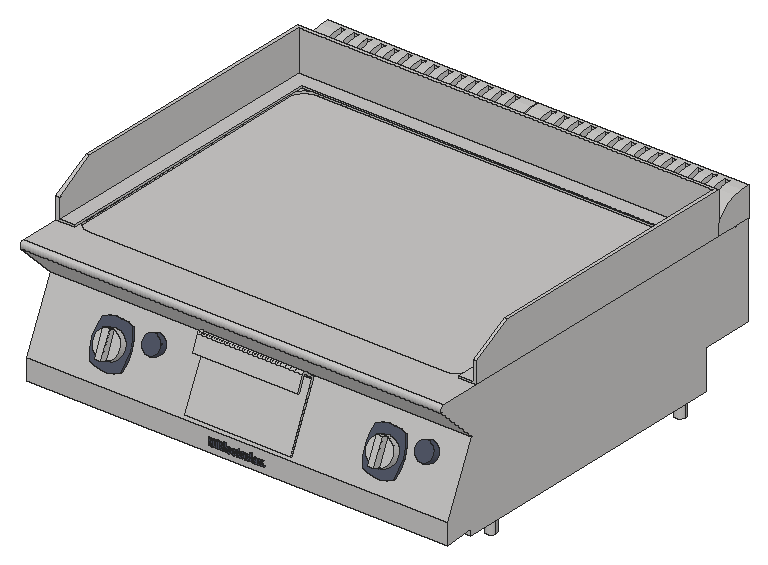
Revit family "QF_ELECTROLUXPROFESSIONAL_Professional_371335_E7IIMAAOMEA", category Specialty Equipment, Revit 2018
Family settings
  Round Connector Dimension = Use Diameter
  Part Type = Normal
  Work Plane-Based = No
  Always vertical = Yes
  Cut with Voids When Loaded = No
  Shared = No
  Room Calculation Point = No
Parameters
  Width = 800.1 mm  # constant formula
  Weight in Pounds = 198  # constant formula
  Watts = 0 W
  URL Cutsheet = "www.electrolux.com/foodservice"
  URL = "www.electrolux.com/foodservice"
  Type Mark [instance] = ""
  Status [instance] = ""
  Specification by User [instance] = ""
  Specification by Manufacturer = ""
  Show Logo [instance] = yes
  Show Clearance [instance] = yes
  Serial Number = ""
  Seismic Rating = ""
  SMACNA No = ""
  Revision Code [instance] = ""
  Omniclass Number and Title = ""
  NAFEM Spec ID Number = ""
  Model = "371032"
  Mechanical Remarks = ""
  Mechanical Connection Type = ""
  Masterspec = ""
  Manufacturer = "ELECTROLUX"
  Item Number [instance] = ""
  Installed By [instance] = ""
  Identify Quantity as Lot [instance] = yes
  Height = 355 mm  # constant formula
  HP = "0 HP"
  Gas Size = 12.7 mm  # 1/2"
  Gas RI Height [instance] = 0 mm
  Gas KW = 14  # constant formula
  Gas Input [instance] = 13987.1 VA  # 47726.0 Btu/h
  Gas Connection Height = 0 mm
  Furnished By [instance] = ""
  Foodservice Equipment Identifier [instance] = yes
  Direct Waste Size = 0"
  Description = "700XP Full Module Gas Fry Top, 2/3 Smotth Plate - 1/3 Ribbed Plate, Mild Steel"
  Depth = 730.25 mm  # constant formula
  CSI MasterFormat = ""
  CSI Master Format = ""
  Base Height [instance] = 23.813 mm  # constant formula
  Assembly Code = ""
Reference planes
  plane 1 "BACK": y = 0
  plane 2: z = 0
  plane 3 "LEFT": x = 0
  plane 4 "RIGHT": x = 800.1
  plane 5 "FRONT": y = -730.25
  plane 6 "TOP": z = 288.925
  plane 7 "Center Y": x = 400.05
  plane 8 "Center X": y = -365.125
  plane 9 "BASE": z = 23.813
  plane 10 "TOP A": z = 274.638
  plane 11: y = -597.884
  plane 12: y = -147.637
  plane 13: z = 355
Forms (mm)
  Extrusion 1, solid, material "QF_Finishes_Stainless Steel"
    sketch origin (0, 0, 0) x (0, 1, 0) y (0, 0, 1)
      loop
        line (0, 274.638) -> (-722.901, 274.638)
        arc (-722.901, 274.638) -> (-729.676, 270.11) -> (-728.087, 262.117) r 7.334
        line (-728.087, 262.117) -> (-657.416, 191.447) -> (-713.772, 69.003) -> (-713.772, 30.903) -> (-660.4, 36.513) -> (-660.4, 23.812) -> (-101.6, 23.812) -> (-101.6, 98.425) -> (0, 98.425) -> (0, 274.638)
    from 0 to 800.1
  Extrusion 2, void
    sketch origin (0, -2.381, 274.638) x (-1, 0, 0) y (0, -1, 0)
      loop
        arc (-60.425, 102.504) -> (-42.464, 109.943) -> (-35.025, 127.904) r 25.4
        line (-35.025, 127.904) -> (-35.025, 617.104)
        arc (-35.025, 617.104) -> (-42.464, 635.064) -> (-60.425, 642.504) r 25.4
        line (-60.425, 642.504) -> (-739.675, 642.504)
        arc (-739.675, 642.504) -> (-757.636, 635.064) -> (-765.075, 617.104) r 25.4
        line (-765.075, 617.104) -> (-765.075, 127.904)
        arc (-765.075, 127.904) -> (-757.636, 109.943) -> (-739.675, 102.504) r 25.4
        line (-739.675, 102.504) -> (-60.425, 102.504)
    from 0 to -3.2
  Extrusion 3, solid, material "QF_Finishes_Stainless Steel"
    sketch origin (0, 0, 0) x (1, 0, 0) y (0, 1, 0)
      loop
        circle (11.112, -147.638) r 9.525
      loop
        circle (11.112, -597.884) r 9.525
      loop
        circle (788.987, -147.638) r 9.525
      loop
        circle (788.987, -597.884) r 9.525
    from 0 to 23.813
  Extrusion 4, solid, material "QF_Finishes_Stainless Steel"
    sketch origin (0, -101.6, 101.6) x (0, 0, -1) y (-1, 0, 0)
      loop
        circle (43.882, -749.3) r 6.35
    from 0 to 3.175
  Extrusion 5, solid, material "QF_Finishes_Clearance", visible <- "Show Clearance", detail levels coarse
    sketch origin (0, 0, 0) x (1, 0, 0) y (0, 1, 0)
      loop
        line (0, -730.25) -> (0, 0) -> (800.1, 0) -> (800.1, -730.25) -> (950.119, -730.25) -> (950.119, 150.019) -> (-150.019, 150.019) -> (-150.019, -730.25) -> (0, -730.25)
    from 0 to 355
  Sweep 6, solid, material "QF_Finishes_Stainless Steel"
    path origin (0, -2.381, 274.638) x (-1, 0, 0) y (0, -1, 0)
      loop
        line (-765.075, 642.504) -> (-765.075, 102.504) -> (-35.025, 102.504) -> (-35.025, 642.504)
    profile origin (35.025, -374.885, 274.638) x (1, 0, 0) y (0, 0, 1)
      loop
        line (-35.025, 0) -> (0, 0) -> (0, 3.175) -> (-28.675, 3.175) -> (-28.675, 80.363) -> (-35.025, 80.362) -> (-35.025, 0)
  Extrusion 7, void
    sketch origin (0, -69.86, 274.638) x (0, 1, 0) y (0, 0, 1)
      loop
        line (-575.025, 40.481) -> (-501.995, 80.363) -> (-575.025, 80.363) -> (-575.025, 40.481)
    from 0 to 6.35
  Extrusion 8, void
    sketch origin (800.1, -644.885, 274.638) x (0, -1, 0) y (0, 0, 1)
      loop
        line (0, 40.481) -> (0, 80.362) -> (-73.03, 80.362) -> (0, 40.481)
    from 0 to 6.35
  Extrusion 9, solid, material "QF_Finishes_Stainless Steel"
    sketch origin (400.05, 175.397, 1219.2) x (0, 1, 0) y (0, 0, 1)
      loop
        line (-834.228, -1030.828) -> (-850.635, -1014.422)
        arc (-850.635, -1014.422) -> (-855.102, -1013.019) -> (-858.806, -1015.884) r 5.058
        line (-858.806, -1015.884) -> (-871.468, -1043.394) -> (-868.584, -1044.721) -> (-855.922, -1017.211)
        arc (-855.922, -1017.211) -> (-854.543, -1016.145) -> (-852.88, -1016.667) r 1.883
        line (-852.88, -1016.667) -> (-838.037, -1031.51) -> (-888.871, -1141.955) -> (-885.987, -1143.282) -> (-834.228, -1030.828)
    from 100 to -100
  Extrusion 10, solid, material "QF_Finishes_Drawer Clearance", visible <- "Show Clearance", detail levels coarse
    sketch origin (400.05, 175.397, 1219.2) x (0, 1, 0) y (0, 0, 1)
      loop
        line (-937.748, -1044.721) -> (-925.086, -1017.211)
        arc (-925.086, -1017.211) -> (-923.707, -1016.145) -> (-922.044, -1016.667) r 1.883
        line (-922.044, -1016.667) -> (-907.201, -1031.51) -> (-958.035, -1141.955) -> (-955.151, -1143.282) -> (-885.987, -1143.282) -> (-834.228, -1030.828) -> (-850.635, -1014.422)
        arc (-850.635, -1014.422) -> (-851.87, -1013.515) -> (-853.321, -1013.019) r 5.058
        line (-853.321, -1013.019) -> (-924.266, -1013.019)
        arc (-924.266, -1013.019) -> (-926.47, -1013.997) -> (-927.97, -1015.884) r 5.058
        line (-927.97, -1015.884) -> (-940.632, -1043.394) -> (-937.748, -1044.721)
    from -100 to 100
  Extrusion 11, solid, material "QF_Finishes_Navy Blue"
    sketch origin (-399.27, -713.772, 69.003) x (0, 0.418102, 0.9084) y (-1, 0, 0)
      loop
        arc (102.623, -510.47) -> (67.041, -502.846) -> (31.333, -509.853) r 90.5
        arc (31.333, -509.853) -> (24.507, -539.04) -> (31.333, -568.228) r 65.817
        arc (31.333, -568.228) -> (67.04, -575.188) -> (102.623, -567.615) r 91.066
        arc (102.623, -567.615) -> (109.179, -539.043) -> (102.623, -510.47) r 65.546
    from 0 to 3.175
  Extrusion 12, solid, material "QF_Finishes_Stainless Steel"
    sketch origin (-20.52, -717.485, 68.529) x (0, 0.418102, 0.9084) y (-1, 0, 0)
      loop
        circle (68.826, -160.963) r 25.4
    from 0 to 12.7
  Extrusion 13, solid, material "QF_Finishes_Stainless Steel"
    sketch origin (-20.52, -729.022, 73.839) x (0, 0.418102, 0.9084) y (-1, 0, 0)
      loop
        arc (93.558, -166.749) -> (94.226, -160.963) -> (93.558, -155.177) r 25.4
        line (93.558, -155.177) -> (44.094, -155.177)
        arc (44.094, -155.177) -> (43.426, -160.963) -> (44.094, -166.749) r 25.4
        line (44.094, -166.749) -> (93.558, -166.749)
    from 0 to 12.7
  Extrusion 14, solid, material "QF_Finishes_Navy Blue"
    sketch origin (97.744, -713.772, 69.003) x (0, 0.418102, 0.9084) y (-1, 0, 0)
      loop
        arc (102.623, -532.67) -> (67.041, -525.046) -> (31.333, -532.053) r 90.5
        arc (31.333, -532.053) -> (24.507, -561.24) -> (31.333, -590.428) r 65.817
        arc (31.333, -590.428) -> (67.04, -597.388) -> (102.623, -589.815) r 91.066
        arc (102.623, -589.815) -> (109.179, -561.243) -> (102.623, -532.67) r 65.546
    from 0 to 3.175
  Extrusion 15, solid, material "QF_Finishes_Stainless Steel"
    sketch origin (498.994, -717.485, 68.529) x (0, 0.418102, 0.9084) y (-1, 0, 0)
      loop
        circle (68.826, -160.963) r 25.4
    from 0 to 12.7
  Extrusion 16, solid, material "QF_Finishes_Stainless Steel"
    sketch origin (498.994, -729.022, 73.839) x (0, 0.418102, 0.9084) y (-1, 0, 0)
      loop
        arc (93.558, -166.749) -> (94.226, -160.963) -> (93.558, -155.177) r 25.4
        line (93.558, -155.177) -> (44.094, -155.177)
        arc (44.094, -155.177) -> (43.426, -160.963) -> (44.094, -166.749) r 25.4
        line (44.094, -166.749) -> (93.558, -166.749)
    from 0 to 12.7
  Extrusion 17, solid, material "QF_Finishes_Navy Blue"
    sketch origin (-100, -703.319, 91.713) x (0, 0.418102, 0.9084) y (-1, 0, 0)
      loop
        circle (65.471, -315.169) r 17.78
    from 0 to 12.7
  Extrusion 18, solid, material "QF_Finishes_Navy Blue"
    sketch origin (397.014, -703.319, 91.713) x (0, 0.418102, 0.9084) y (-1, 0, 0)
      loop
        circle (65.471, -337.369) r 17.78
    from 0 to 12.7
  Extrusion 19, solid, material "QF_Finishes_Navy Blue", visible <- "Show Logo"
    sketch origin (58.349, -713.772, 35.665) x (0, 0, 1) y (-1, 0, 0)
      loop
        line (20.674, -296.698) -> (8.307, -296.698)
        arc (8.307, -296.698) -> (14.491, -301.27) -> (20.674, -296.698) r 6.467
      loop
        arc (20.674, -296.069) -> (19.505, -290.926) -> (14.849, -288.448) r 6.338
        line (14.849, -288.448) -> (14.849, -290.494)
        arc (14.849, -290.494) -> (16.333, -294.149) -> (19.778, -296.069) r 5.941
        line (19.778, -296.069) -> (20.674, -296.069)
      loop
        arc (9.203, -296.069) -> (12.648, -294.149) -> (14.132, -290.494) r 5.941
        line (14.132, -290.494) -> (14.132, -288.448)
        arc (14.132, -288.448) -> (9.438, -290.922) -> (8.148, -296.069) r 6.504
        line (8.148, -296.069) -> (9.203, -296.069)
      loop
        line (21.349, -287.979) -> (7.604, -287.979) -> (7.604, -301.742) -> (21.349, -301.742) -> (21.349, -287.979)
      loop
        arc (21.432, -304.71) -> (21.085, -304.352) -> (20.718, -304.69) r 0.358
        arc (20.718, -304.69) -> (20.404, -305.44) -> (19.687, -305.825) r 1.216
        line (19.687, -305.825) -> (9.274, -305.825)
        arc (9.274, -305.825) -> (8.614, -305.548) -> (8.218, -304.951) r 1.238
        arc (8.218, -304.951) -> (7.823, -304.7) -> (7.518, -305.054) r 0.358
        line (7.518, -305.054) -> (7.518, -314.933) -> (10.269, -314.933) -> (10.269, -314.036)
        arc (10.269, -314.036) -> (9.36, -313.456) -> (8.904, -312.479) r 1.928
        line (8.904, -312.479) -> (8.904, -309.98)
        arc (8.904, -309.98) -> (9.18, -309.251) -> (9.868, -308.887) r 1.101
        line (9.868, -308.887) -> (13.955, -308.887) -> (13.955, -312.561)
        arc (13.955, -312.561) -> (13.602, -313.058) -> (13.037, -313.286) r 1.083
        arc (13.037, -313.286) -> (12.773, -313.591) -> (13.065, -313.869) r 0.292
        line (13.065, -313.869) -> (16.028, -313.869)
        arc (16.028, -313.869) -> (16.33, -313.596) -> (16.092, -313.266) r 0.305
        arc (16.092, -313.266) -> (15.601, -313.018) -> (15.296, -312.561) r 1.083
        line (15.296, -312.561) -> (15.296, -308.887) -> (19.973, -308.887) -> (19.973, -312.635)
        arc (19.973, -312.635) -> (19.759, -313.39) -> (19.153, -313.888) r 1.314
        arc (19.153, -313.888) -> (18.934, -314.292) -> (19.288, -314.585) r 0.361
        line (19.288, -314.585) -> (21.432, -314.585) -> (21.432, -304.71)
      loop
        arc (20.715, -315.365) -> (20.335, -316.284) -> (19.416, -316.664) r 1.299
        line (19.416, -316.664) -> (9.837, -316.664)
        arc (9.837, -316.664) -> (8.999, -316.286) -> (8.728, -315.408) r 1.118
        line (8.728, -315.408) -> (7.518, -315.408) -> (7.518, -320.758) -> (8.706, -320.758)
        arc (8.706, -320.758) -> (8.978, -319.841) -> (9.848, -319.445) r 1.153
        line (9.848, -319.445) -> (21.92, -319.445) -> (20.715, -315.365)
      loop
        line (12.483, -323.394) -> (12.483, -329.842) -> (13.282, -329.842)
        arc (13.282, -329.842) -> (15.862, -328.857) -> (17.131, -326.404) r 3.874
        line (17.131, -326.404) -> (17.131, -324.643)
        arc (17.131, -324.643) -> (15.944, -321.778) -> (13.08, -320.592) r 4.051
        line (13.08, -320.592) -> (11.072, -320.592)
        arc (11.072, -320.592) -> (8.253, -322.077) -> (7.202, -325.084) r 4.352
        arc (7.202, -325.084) -> (7.566, -327.547) -> (8.943, -329.621) r 5.713
        line (8.943, -329.621) -> (9.892, -329.621)
        arc (9.892, -329.621) -> (9.16, -328.052) -> (8.943, -326.334) r 5.579
        arc (8.943, -326.334) -> (9.737, -324.371) -> (11.616, -323.394) r 3.057
        line (11.616, -323.394) -> (12.483, -323.394)
      loop
        line (13.742, -323.394) -> (13.742, -326.977)
        arc (13.742, -326.977) -> (15.199, -327.024) -> (16.082, -325.864) r 1.59
        line (16.082, -325.864) -> (16.082, -325.034)
        arc (16.082, -325.034) -> (15.217, -323.779) -> (13.742, -323.394) r 2.184
      loop
        arc (16.533, -339.259) -> (17.022, -337.585) -> (17.179, -335.848) r 9.023
        line (17.179, -335.848) -> (17.179, -334.486)
        arc (17.179, -334.486) -> (16.02, -331.686) -> (13.22, -330.527) r 3.959
        line (13.22, -330.527) -> (10.62, -330.527)
        arc (10.62, -330.527) -> (8.338, -331.819) -> (7.221, -334.192) r 4.331
        line (7.221, -334.192) -> (7.221, -336.327)
        arc (7.221, -336.327) -> (7.729, -337.877) -> (8.651, -339.223) r 5.772
        arc (8.651, -339.223) -> (9.412, -339.274) -> (9.499, -338.515) r 0.553
        arc (9.499, -338.515) -> (9.111, -337.781) -> (8.977, -336.962) r 2.573
        line (8.977, -336.962) -> (8.977, -335.447)
        arc (8.977, -335.447) -> (9.983, -333.806) -> (11.798, -333.163) r 2.884
        line (11.798, -333.163) -> (13.077, -333.163)
        arc (13.077, -333.163) -> (14.898, -333.723) -> (15.824, -335.388) r 2.554
        line (15.824, -335.388) -> (15.824, -336.441)
        arc (15.824, -336.441) -> (15.493, -337.369) -> (14.836, -338.104) r 2.564
        arc (14.836, -338.104) -> (14.614, -338.821) -> (15.223, -339.259) r 0.643
        line (15.223, -339.259) -> (16.533, -339.259)
      loop
        line (15.515, -339.53) -> (15.515, -341.031) -> (9.467, -341.031)
        arc (9.467, -341.031) -> (7.879, -341.688) -> (7.221, -343.276) r 2.246
        line (7.221, -343.276) -> (7.221, -344.86)
        arc (7.221, -344.86) -> (7.535, -345.725) -> (8.035, -346.496) r 4.06
        arc (8.035, -346.496) -> (8.768, -346.629) -> (9.019, -345.928) r 0.576
        arc (9.019, -345.928) -> (8.913, -345.403) -> (8.977, -344.87) r 1.69
        arc (8.977, -344.87) -> (9.519, -344.082) -> (10.425, -343.779) r 1.506
        line (10.425, -343.779) -> (15.563, -343.779) -> (15.563, -346.176) -> (16.119, -346.733) -> (16.941, -346.733) -> (16.941, -343.873) -> (20.172, -343.873) -> (15.515, -339.53)
      loop
        line (7.438, -347.63) -> (7.438, -353.017) -> (8.548, -353.017)
        arc (8.548, -353.017) -> (8.942, -352.066) -> (9.893, -351.672) r 1.345
        line (9.893, -351.672) -> (13.509, -351.672)
        arc (13.509, -351.672) -> (14.274, -352.264) -> (14.564, -353.186) r 1.615
        line (14.564, -353.186) -> (14.564, -354.742) -> (17.119, -355.427) -> (17.119, -354.044) -> (15.177, -351.485) -> (17.057, -351.485) -> (16.773, -348.779)
        arc (16.773, -348.779) -> (16.333, -348.249) -> (15.674, -348.45) r 0.621
        arc (15.674, -348.45) -> (15.274, -348.792) -> (14.78, -348.975) r 1.501
        line (14.78, -348.975) -> (9.893, -348.975)
        arc (9.893, -348.975) -> (8.942, -348.581) -> (8.548, -347.63) r 1.345
        line (8.548, -347.63) -> (7.438, -347.63)
      loop
        line (13.54, -354.964) -> (10.848, -354.964)
        arc (10.848, -354.964) -> (8.403, -356.272) -> (7.269, -358.803) r 4.288
        arc (7.269, -358.803) -> (7.205, -360.183) -> (7.269, -361.563) r 15.022
        arc (7.269, -361.563) -> (8.403, -364.094) -> (10.848, -365.401) r 4.288
        line (10.848, -365.401) -> (13.54, -365.401)
        arc (13.54, -365.401) -> (15.986, -364.094) -> (17.119, -361.563) r 4.288
        arc (17.119, -361.563) -> (17.183, -360.183) -> (17.119, -358.803) r 15.022
        arc (17.119, -358.803) -> (15.986, -356.272) -> (13.54, -354.964) r 4.288
      loop
        line (13.745, -358.078) -> (10.643, -358.078)
        arc (10.643, -358.078) -> (8.486, -360.235) -> (10.643, -362.392) r 2.157
        line (10.643, -362.392) -> (13.745, -362.392)
        arc (13.745, -362.392) -> (15.902, -360.235) -> (13.745, -358.078) r 2.157
      loop
        arc (20.726, -365.26) -> (20.355, -366.154) -> (19.461, -366.524) r 1.264
        line (19.461, -366.524) -> (9.597, -366.524)
        arc (9.597, -366.524) -> (8.727, -366.127) -> (8.455, -365.211) r 1.153
        line (8.455, -365.211) -> (7.518, -365.211) -> (7.518, -370.319) -> (8.446, -370.319)
        arc (8.446, -370.319) -> (8.805, -369.547) -> (9.597, -369.232) r 1.153
        line (9.597, -369.232) -> (21.92, -369.232) -> (20.726, -365.26)
      loop
        arc (15.846, -369.857) -> (15.647, -370.921) -> (14.678, -371.403) r 1.215
        line (14.678, -371.403) -> (9.658, -371.403)
        arc (9.658, -371.403) -> (8.043, -372.051) -> (7.322, -373.634) r 2.338
        line (7.322, -373.634) -> (7.322, -375.148)
        arc (7.322, -375.148) -> (7.497, -376.152) -> (7.999, -377.038) r 2.979
        line (7.999, -377.038) -> (7.518, -378.835) -> (7.518, -380.524) -> (16.943, -380.524) -> (16.649, -376.32) -> (15.863, -376.32)
        arc (15.863, -376.32) -> (15.507, -377.156) -> (14.755, -377.665) r 1.605
        line (14.755, -377.665) -> (9.652, -377.665)
        arc (9.652, -377.665) -> (9.232, -376.728) -> (9.159, -375.704) r 2.94
        arc (9.159, -375.704) -> (9.72, -374.603) -> (10.873, -374.16) r 1.724
        line (10.873, -374.16) -> (17.07, -374.16) -> (15.846, -369.857)
      loop
        line (16.874, -381.377) -> (15.202, -383.423) -> (12.028, -385.729) -> (8.572, -382.617)
        arc (8.572, -382.617) -> (8.335, -382.223) -> (8.357, -381.764) r 0.789
        line (8.357, -381.764) -> (7.518, -381.764) -> (7.518, -385.309) -> (8.344, -385.309)
        arc (8.344, -385.309) -> (8.686, -384.947) -> (9.176, -385.039) r 0.52
        line (9.176, -385.039) -> (10.976, -386.51) -> (8.858, -387.886)
        arc (8.858, -387.886) -> (8.457, -387.576) -> (8.37, -387.076) r 0.7
        line (8.37, -387.076) -> (7.518, -387.076) -> (7.518, -393.003) -> (8.405, -393.003)
        arc (8.405, -393.003) -> (8.472, -392.344) -> (8.866, -391.813) r 1.247
        line (8.866, -391.813) -> (13.066, -388.532) -> (15.513, -390.585) -> (16.874, -392.327) -> (16.874, -388.604) -> (15.389, -389.026) -> (13.868, -387.749) -> (15.568, -386.559) -> (16.874, -387.336) -> (16.874, -381.377)
    from 0 to 1.644
  Extrusion 20, solid, material "QF_Finishes_Stainless Steel"
    sketch origin (0, 0, 0) x (0, 1, 0) y (0, 0, 1)
      loop
        line (0, 274.638) -> (0, 331.738)
        arc (0, 331.738) -> (-38.857, 324.552) -> (-69.85, 300.038) r 82.056
        line (-69.85, 300.038) -> (-69.85, 274.638) -> (0, 274.638)
    from 0 to 400.05
  Extrusion 21, void
    sketch origin (0, 0, 274.638) x (0, -1, 0) y (1, 0, 0)
      loop
        line (6.761, 29.703) -> (63.911, 29.703) -> (63.911, 38.999) -> (6.761, 38.999) -> (6.761, 29.703)
      loop
        line (63.911, 64.487) -> (6.761, 64.487) -> (6.761, 55.191) -> (63.911, 55.191) -> (63.911, 64.487)
      loop
        line (63.911, 89.975) -> (6.761, 89.975) -> (6.761, 80.68) -> (63.911, 80.68) -> (63.911, 89.975)
      loop
        line (63.911, 115.464) -> (6.761, 115.464) -> (6.761, 106.168) -> (63.911, 106.168) -> (63.911, 115.464)
      loop
        line (63.911, 140.952) -> (6.761, 140.952) -> (6.761, 131.656) -> (63.911, 131.656) -> (63.911, 140.952)
      loop
        line (63.911, 166.44) -> (6.761, 166.44) -> (6.761, 157.145) -> (63.911, 157.145) -> (63.911, 166.44)
      loop
        line (63.911, 191.929) -> (6.761, 191.929) -> (6.761, 182.633) -> (63.911, 182.633) -> (63.911, 191.929)
      loop
        line (63.911, 217.417) -> (6.761, 217.417) -> (6.761, 208.121) -> (63.911, 208.121) -> (63.911, 217.417)
      loop
        line (63.911, 242.905) -> (6.761, 242.905) -> (6.761, 233.61) -> (63.911, 233.61) -> (63.911, 242.905)
      loop
        line (63.911, 268.394) -> (6.761, 268.394) -> (6.761, 259.098) -> (63.911, 259.098) -> (63.911, 268.394)
      loop
        line (63.911, 293.882) -> (6.761, 293.882) -> (6.761, 284.586) -> (63.911, 284.586) -> (63.911, 293.882)
      loop
        line (63.911, 319.37) -> (6.761, 319.37) -> (6.761, 310.075) -> (63.911, 310.075) -> (63.911, 319.37)
      loop
        line (63.911, 344.859) -> (6.761, 344.859) -> (6.761, 335.563) -> (63.911, 335.563) -> (63.911, 344.859)
      loop
        line (63.911, 370.347) -> (6.761, 370.347) -> (6.761, 361.051) -> (63.911, 361.051) -> (63.911, 370.347)
    from 25.4 to 63.5
  Extrusion 22, solid, material "QF_Finishes_Stainless Steel"
    sketch origin (400.05, 0, 0) x (0, 1, 0) y (0, 0, 1)
      loop
        line (0, 274.638) -> (0, 331.738)
        arc (0, 331.738) -> (-38.857, 324.552) -> (-69.85, 300.038) r 82.056
        line (-69.85, 300.038) -> (-69.85, 274.638) -> (0, 274.638)
    from 0 to 400.05
  Extrusion 23, void
    sketch origin (400.05, 0, 274.638) x (0, -1, 0) y (1, 0, 0)
      loop
        line (6.761, 29.703) -> (63.911, 29.703) -> (63.911, 38.999) -> (6.761, 38.999) -> (6.761, 29.703)
      loop
        line (63.911, 64.487) -> (6.761, 64.487) -> (6.761, 55.191) -> (63.911, 55.191) -> (63.911, 64.487)
      loop
        line (63.911, 89.975) -> (6.761, 89.975) -> (6.761, 80.68) -> (63.911, 80.68) -> (63.911, 89.975)
      loop
        line (63.911, 115.464) -> (6.761, 115.464) -> (6.761, 106.168) -> (63.911, 106.168) -> (63.911, 115.464)
      loop
        line (63.911, 140.952) -> (6.761, 140.952) -> (6.761, 131.656) -> (63.911, 131.656) -> (63.911, 140.952)
      loop
        line (63.911, 166.44) -> (6.761, 166.44) -> (6.761, 157.145) -> (63.911, 157.145) -> (63.911, 166.44)
      loop
        line (63.911, 191.929) -> (6.761, 191.929) -> (6.761, 182.633) -> (63.911, 182.633) -> (63.911, 191.929)
      loop
        line (63.911, 217.417) -> (6.761, 217.417) -> (6.761, 208.121) -> (63.911, 208.121) -> (63.911, 217.417)
      loop
        line (63.911, 242.905) -> (6.761, 242.905) -> (6.761, 233.61) -> (63.911, 233.61) -> (63.911, 242.905)
      loop
        line (63.911, 268.394) -> (6.761, 268.394) -> (6.761, 259.098) -> (63.911, 259.098) -> (63.911, 268.394)
      loop
        line (63.911, 293.882) -> (6.761, 293.882) -> (6.761, 284.586) -> (63.911, 284.586) -> (63.911, 293.882)
      loop
        line (63.911, 319.37) -> (6.761, 319.37) -> (6.761, 310.075) -> (63.911, 310.075) -> (63.911, 319.37)
      loop
        line (63.911, 344.859) -> (6.761, 344.859) -> (6.761, 335.563) -> (63.911, 335.563) -> (63.911, 344.859)
      loop
        line (63.911, 370.347) -> (6.761, 370.347) -> (6.761, 361.051) -> (63.911, 361.051) -> (63.911, 370.347)
    from 25.4 to 63.5
Cuts and joins
  Extrusion 2 cuts Extrusion 1
  Extrusion 7, Extrusion 8 cuts Sweep 6
  Extrusion 21 cuts Extrusion 20
  Extrusion 23 cuts Extrusion 22
Lines and regions (mm)
  symbolic lines, style "QF-Clearances", visible <- "Show Clearance", detail levels coarse
    curve 1: line (-150.019, 150.019, 274.638) -> (-150.019, -730.25, 274.638)
    curve 2: line (950.119, 150.019, 274.638) -> (-150.019, 150.019, 274.638)
    curve 3: line (950.119, -730.25, 274.638) -> (950.119, 150.019, 274.638)
  symbolic lines
    curve 4: line (0, 0, 274.638) -> (800.1, 0, 274.638)
    curve 5: line (0, -730.25, 274.638) -> (0, 0, 274.638)
    curve 6: line (800.1, 0, 274.638) -> (800.1, -730.25, 274.638)
    curve 7: line (35.042, -104.885, 274.638) -> (35.042, -644.885, 274.638)
    curve 8: arc (35.042, -619.427, 274.638) -> (42.472, -637.366, 274.638) -> (60.411, -644.796, 274.638) r 25.37
    curve 9: line (0, -644.885, 274.638) -> (35.042, -644.885, 274.638)
    curve 10: arc (739.117, -644.796, 274.638) -> (757.472, -637.193, 274.638) -> (765.075, -618.839, 274.638) r 25.958
    curve 11: line (765.075, -644.885, 274.638) -> (765.075, -104.885, 274.638)
    curve 12: line (765.075, -104.885, 274.638) -> (35.042, -104.885, 274.638)
    curve 13: line (0, -69.85, 274.638) -> (800.1, -69.85, 274.638)
    curve 14: line (800.1, -730.25, 274.638) -> (0, -730.25, 274.638)
    curve 15: arc (64.136, -104.885, 274.638) -> (43.563, -113.406, 274.638) -> (35.042, -133.979, 274.638) r 29.094
    curve 16: arc (739.672, -104.885, 274.638) -> (757.635, -112.325, 274.638) -> (765.075, -130.288, 274.638) r 25.403
    curve 17: line (6.35, -76.21, 274.638) -> (6.35, -644.885, 274.638)
    curve 18: line (6.35, -76.21, 274.638) -> (793.75, -76.21, 274.638)
    curve 19: line (793.75, -76.21, 274.638) -> (793.75, -644.885, 274.638)
    curve 20: line (765.075, -644.885, 274.638) -> (800.1, -644.885, 274.638)
    curve 21: line (60.411, -644.796, 274.638) -> (739.117, -644.796, 274.638)
    curve 25: line (0, 0, 274.638) -> (800.1, 0, 274.638)
    curve 26: line (0, -69.85, 274.638) -> (800.1, -69.85, 274.638)
    curve 27: line (0, 0, 274.638) -> (800.1, 0, 274.638)
    curve 28: line (29.703, -6.761, 0) -> (38.999, -6.761, 0)
    curve 29: line (29.703, -63.911, 0) -> (29.703, -6.761, 0)
    curve 30: line (38.999, -63.911, 0) -> (29.703, -63.911, 0)
    curve 31: line (38.999, -6.761, 0) -> (38.999, -63.911, 0)
    curve 32: line (55.191, -6.761, 0) -> (64.487, -6.761, 0)
    curve 33: line (55.191, -63.911, 0) -> (55.191, -6.761, 0)
    curve 34: line (64.487, -63.911, 0) -> (55.191, -63.911, 0)
    curve 35: line (64.487, -6.761, 0) -> (64.487, -63.911, 0)
    curve 36: line (80.68, -6.761, 0) -> (89.975, -6.761, 0)
    curve 37: line (80.68, -63.911, 0) -> (80.68, -6.761, 0)
    curve 38: line (89.975, -63.911, 0) -> (80.68, -63.911, 0)
    curve 39: line (89.975, -6.761, 0) -> (89.975, -63.911, 0)
    curve 40: line (106.168, -6.761, 0) -> (115.464, -6.761, 0)
    curve 41: line (106.168, -63.911, 0) -> (106.168, -6.761, 0)
    curve 42: line (115.464, -63.911, 0) -> (106.168, -63.911, 0)
    curve 43: line (115.464, -6.761, 0) -> (115.464, -63.911, 0)
    curve 44: line (131.656, -6.761, 0) -> (140.952, -6.761, 0)
    curve 45: line (131.656, -63.911, 0) -> (131.656, -6.761, 0)
    curve 46: line (140.952, -63.911, 0) -> (131.656, -63.911, 0)
    curve 47: line (140.952, -6.761, 0) -> (140.952, -63.911, 0)
    curve 48: line (157.145, -6.761, 0) -> (166.44, -6.761, 0)
    curve 49: line (157.145, -63.911, 0) -> (157.145, -6.761, 0)
    curve 50: line (166.44, -63.911, 0) -> (157.145, -63.911, 0)
    curve 51: line (166.44, -6.761, 0) -> (166.44, -63.911, 0)
    curve 52: line (182.633, -6.761, 0) -> (191.929, -6.761, 0)
    curve 53: line (182.633, -63.911, 0) -> (182.633, -6.761, 0)
    curve 54: line (191.929, -63.911, 0) -> (182.633, -63.911, 0)
    curve 55: line (191.929, -6.761, 0) -> (191.929, -63.911, 0)
    curve 56: line (208.121, -6.761, 0) -> (217.417, -6.761, 0)
    curve 57: line (208.121, -63.911, 0) -> (208.121, -6.761, 0)
    curve 58: line (217.417, -63.911, 0) -> (208.121, -63.911, 0)
    curve 59: line (217.417, -6.761, 0) -> (217.417, -63.911, 0)
    curve 60: line (233.61, -6.761, 0) -> (242.905, -6.761, 0)
    curve 61: line (233.61, -63.911, 0) -> (233.61, -6.761, 0)
    curve 62: line (242.905, -63.911, 0) -> (233.61, -63.911, 0)
    curve 63: line (242.905, -6.761, 0) -> (242.905, -63.911, 0)
    curve 64: line (259.098, -6.761, 0) -> (268.394, -6.761, 0)
    curve 65: line (259.098, -63.911, 0) -> (259.098, -6.761, 0)
    curve 66: line (268.394, -63.911, 0) -> (259.098, -63.911, 0)
    curve 67: line (268.394, -6.761, 0) -> (268.394, -63.911, 0)
    curve 68: line (284.586, -6.761, 0) -> (293.882, -6.761, 0)
    curve 69: line (284.586, -63.911, 0) -> (284.586, -6.761, 0)
    curve 70: line (293.882, -63.911, 0) -> (284.586, -63.911, 0)
    curve 71: line (293.882, -6.761, 0) -> (293.882, -63.911, 0)
    curve 72: line (310.075, -6.761, 0) -> (319.37, -6.761, 0)
    curve 73: line (310.075, -63.911, 0) -> (310.075, -6.761, 0)
    curve 74: line (319.37, -63.911, 0) -> (310.075, -63.911, 0)
    curve 75: line (319.37, -6.761, 0) -> (319.37, -63.911, 0)
    curve 76: line (335.563, -6.761, 0) -> (344.859, -6.761, 0)
    curve 77: line (335.563, -63.911, 0) -> (335.563, -6.761, 0)
    curve 78: line (344.859, -63.911, 0) -> (335.563, -63.911, 0)
    curve 79: line (344.859, -6.761, 0) -> (344.859, -63.911, 0)
    curve 80: line (361.051, -6.761, 0) -> (370.347, -6.761, 0)
    curve 81: line (361.051, -63.911, 0) -> (361.051, -6.761, 0)
    curve 82: line (370.347, -63.911, 0) -> (361.051, -63.911, 0)
    curve 83: line (370.347, -6.761, 0) -> (370.347, -63.911, 0)
    curve 84: line (400.05, 0, 0) -> (400.05, -69.85, 0)
    curve 85: line (770.397, -6.761, 0) -> (761.101, -6.761, 0)
    curve 86: line (770.397, -63.911, 0) -> (770.397, -6.761, 0)
    curve 87: line (761.101, -63.911, 0) -> (770.397, -63.911, 0)
    curve 88: line (761.101, -6.761, 0) -> (761.101, -63.911, 0)
    curve 89: line (744.909, -6.761, 0) -> (735.613, -6.761, 0)
    curve 90: line (744.909, -63.911, 0) -> (744.909, -6.761, 0)
    curve 91: line (735.613, -63.911, 0) -> (744.909, -63.911, 0)
    curve 92: line (735.613, -6.761, 0) -> (735.613, -63.911, 0)
    curve 93: line (719.42, -6.761, 0) -> (710.125, -6.761, 0)
    curve 94: line (719.42, -63.911, 0) -> (719.42, -6.761, 0)
    curve 95: line (710.125, -63.911, 0) -> (719.42, -63.911, 0)
    curve 96: line (710.125, -6.761, 0) -> (710.125, -63.911, 0)
    curve 97: line (693.932, -6.761, 0) -> (684.636, -6.761, 0)
    curve 98: line (693.932, -63.911, 0) -> (693.932, -6.761, 0)
    curve 99: line (684.636, -63.911, 0) -> (693.932, -63.911, 0)
    curve 100: line (684.636, -6.761, 0) -> (684.636, -63.911, 0)
    curve 101: line (668.444, -6.761, 0) -> (659.148, -6.761, 0)
    curve 102: line (668.444, -63.911, 0) -> (668.444, -6.761, 0)
    curve 103: line (659.148, -63.911, 0) -> (668.444, -63.911, 0)
    curve 104: line (659.148, -6.761, 0) -> (659.148, -63.911, 0)
    curve 105: line (642.955, -6.761, 0) -> (633.66, -6.761, 0)
    curve 106: line (642.955, -63.911, 0) -> (642.955, -6.761, 0)
    curve 107: line (633.66, -63.911, 0) -> (642.955, -63.911, 0)
    curve 108: line (633.66, -6.761, 0) -> (633.66, -63.911, 0)
    curve 109: line (617.467, -6.761, 0) -> (608.171, -6.761, 0)
    curve 110: line (617.467, -63.911, 0) -> (617.467, -6.761, 0)
    curve 111: line (608.171, -63.911, 0) -> (617.467, -63.911, 0)
    curve 112: line (608.171, -6.761, 0) -> (608.171, -63.911, 0)
    curve 113: line (591.979, -6.761, 0) -> (582.683, -6.761, 0)
    curve 114: line (591.979, -63.911, 0) -> (591.979, -6.761, 0)
    curve 115: line (582.683, -63.911, 0) -> (591.979, -63.911, 0)
    curve 116: line (582.683, -6.761, 0) -> (582.683, -63.911, 0)
    curve 117: line (566.49, -6.761, 0) -> (557.195, -6.761, 0)
    curve 118: line (566.49, -63.911, 0) -> (566.49, -6.761, 0)
    curve 119: line (557.195, -63.911, 0) -> (566.49, -63.911, 0)
    curve 120: line (557.195, -6.761, 0) -> (557.195, -63.911, 0)
    curve 121: line (541.002, -6.761, 0) -> (531.706, -6.761, 0)
    curve 122: line (541.002, -63.911, 0) -> (541.002, -6.761, 0)
    curve 123: line (531.706, -63.911, 0) -> (541.002, -63.911, 0)
    curve 124: line (531.706, -6.761, 0) -> (531.706, -63.911, 0)
    curve 125: line (515.514, -6.761, 0) -> (506.218, -6.761, 0)
    curve 126: line (515.514, -63.911, 0) -> (515.514, -6.761, 0)
    curve 127: line (506.218, -63.911, 0) -> (515.514, -63.911, 0)
    curve 128: line (506.218, -6.761, 0) -> (506.218, -63.911, 0)
    curve 129: line (490.025, -6.761, 0) -> (480.73, -6.761, 0)
    curve 130: line (490.025, -63.911, 0) -> (490.025, -6.761, 0)
    curve 131: line (480.73, -63.911, 0) -> (490.025, -63.911, 0)
    curve 132: line (480.73, -6.761, 0) -> (480.73, -63.911, 0)
    curve 133: line (464.537, -6.761, 0) -> (455.241, -6.761, 0)
    curve 134: line (464.537, -63.911, 0) -> (464.537, -6.761, 0)
    curve 135: line (455.241, -63.911, 0) -> (464.537, -63.911, 0)
    curve 136: line (455.241, -6.761, 0) -> (455.241, -63.911, 0)
    curve 137: line (439.049, -6.761, 0) -> (429.753, -6.761, 0)
    curve 138: line (439.049, -63.911, 0) -> (439.049, -6.761, 0)
    curve 139: line (429.753, -63.911, 0) -> (439.049, -63.911, 0)
    curve 140: line (429.753, -6.761, 0) -> (429.753, -63.911, 0)
  symbolic lines, style "QF_Drawer Clearance"
    curve 22: line (300.05, -782.637, 0) -> (300.05, -730.25, 0)
    curve 23: line (300.05, -782.637, 0) -> (500.05, -782.637, 0)
    curve 24: line (500.05, -782.637, 0) -> (500.05, -730.25, 0)
Dimensions and locks
  equal spacing: plane 3 "LEFT", plane 7 "Center Y", plane 4 "RIGHT"
  "Width": plane 3 "LEFT" to plane 4 "RIGHT"
  equal spacing: plane 5 "FRONT", plane 8 "Center X", plane 1 "BACK"
  "Depth": plane 5 "FRONT" to plane 1 "BACK"
  plane 1 "BACK" to plane 5 "FRONT" = 730.25 mm
  "Base Height": plane 9 "BASE" to level
  locked: plane 10 "TOP A" to plane 9 "BASE" at 250.825
  plane 4 "RIGHT" to Extrusion 4 sketch curve = 50.8 mm
  Sweep 6 sketch curve to level = 355 mm
  plane 10 "TOP A" to plane 9 "BASE" = 250.825 mm
  plane 9 "BASE" to level = 23.813 mm
  plane 9 "BASE" to cut or joined group of Extrusion 1, Extrusion 2 = 74.612 mm
  "Height": plane 13 to level
  aligned and locked: level to plane 2
  aligned and locked: plane 4 "RIGHT" to Extrusion 1
  aligned and locked: Extrusion 3 to plane 9 "BASE"
  aligned: plane 6 "TOP" to Extrusion 5
Automatic sketch dimensions
  Extrusion 2 sketch curve to plane 4 "RIGHT" = 35.025 mm
  Extrusion 2 sketch curve to Extrusion 2 sketch curve = 25.4 mm  (x3)
  Extrusion 2 sketch curve to plane 12 = 17.353 mm
  plane 3 "LEFT" to Extrusion 2 sketch curve = 60.425 mm  (x2)
  plane 11 to Extrusion 2 sketch curve = 21.6 mm
  plane 11 to Extrusion 3 sketch curve = 0 mm  (x2)
  plane 12 to Extrusion 3 sketch curve = 0 mm  (x2)
  plane 3 "LEFT" to Extrusion 3 sketch curve = 11.112 mm  (x2)
  Extrusion 3 sketch curve to plane 4 "RIGHT" = 11.113 mm  (x2)
  Extrusion 1 to Extrusion 4 sketch curve = 33.906 mm
  plane 1 "BACK" to Extrusion 5 sketch curve = 0 mm
  Extrusion 5 sketch curve to plane 3 "LEFT" = 0 mm
  Extrusion 5 sketch curve to plane 4 "RIGHT" = 0 mm
  Extrusion 5 sketch curve to plane 3 "LEFT" = 150.019 mm
  plane 5 "FRONT" to Extrusion 5 sketch curve = 0 mm  (x2)
  plane 4 "RIGHT" to Extrusion 5 sketch curve = 150.019 mm
  Extrusion 5 sketch curve to plane 1 "BACK" = 150.019 mm
  curve 20 to plane 4 "RIGHT" = 0 mm
  curve 14 to plane 3 "LEFT" = 0 mm
  plane 1 "BACK" to curve 5 = 0 mm
  plane 4 "RIGHT" to curve 3 = 150.019 mm
  curve 19 to plane 4 "RIGHT" = 6.35 mm
  curve 19 to curve 20 = 28.675 mm
  curve 11 to curve 16 = 25.403 mm
  curve 11 to curve 21 = 25.958 mm
  curve 21 to curve 9 = 60.411 mm
  curve 15 to plane 12 = 13.658 mm
  curve 15 to curve 15 = 29.094 mm
  curve 17 to curve 9 = 6.35 mm
  plane 5 "FRONT" to curve 1 = 0 mm
  curve 1 to plane 3 "LEFT" = 150.019 mm
  curve 2 to plane 1 "BACK" = 150.019 mm
  curve 13 to curve 18 = 6.36 mm
  plane 11 to curve 10 = 20.954 mm
  curve 10 to curve 20 = 26.046 mm
  curve 8 to curve 17 = 25.458 mm
  curve 6 to plane 5 "FRONT" = 0 mm
  plane 5 "FRONT" to curve 3 = 0 mm
  Sweep 6 sketch curve to plane 4 "RIGHT" = 35.025 mm
  plane 3 "LEFT" to Sweep 6 sketch curve = 35.025 mm
  Sweep 6 sketch curve to plane 12 = 42.753 mm
  plane 11 to Sweep 6 sketch curve = 47 mm  (x2)
  Sweep 6 sketch curve to plane 10 "TOP A" = 0 mm
  profile plane to Sweep 6 sketch curve = 0 mm
  profile plane to Sweep 6 sketch curve = 28.675 mm
  Sweep 6 sketch curve to Sweep 6 sketch curve = 6.35 mm
  plane 10 "TOP A" to Sweep 6 sketch curve = 3.175 mm
  Extrusion 7 sketch curve to Sweep 6 = 0 mm  (x2)
  Extrusion 7 sketch curve to Sweep 6 = 73.03 mm
  Extrusion 7 sketch curve to Extrusion 7 sketch curve = 39.881 mm
  Sweep 6 to Extrusion 8 sketch curve = 0 mm
  Extrusion 8 sketch curve to Sweep 6 = 0 mm
  Extrusion 8 sketch curve to Sweep 6 = 73.03 mm
  Extrusion 8 sketch curve to Extrusion 8 sketch curve = 39.881 mm
  Extrusion 9 sketch curve to Extrusion 9 sketch curve = 0 mm  (x2)
  Extrusion 9 sketch curve to plane 5 "FRONT" = 16.776 mm
  Extrusion 9 sketch curve to Extrusion 9 sketch curve = 2.884 mm  (x3)
  Extrusion 9 sketch curve to plane 5 "FRONT" = 34.179 mm
  Extrusion 9 sketch curve to Extrusion 9 sketch curve = 12.662 mm
  Extrusion 9 sketch curve to Extrusion 9 sketch curve = 1.711 mm
  Extrusion 9 sketch curve to Extrusion 9 sketch curve = 1.332 mm
  Extrusion 9 sketch curve to Extrusion 9 sketch curve = 2.245 mm
  Extrusion 9 sketch curve to Extrusion 9 sketch curve = 14.843 mm
  Extrusion 9 sketch curve to Extrusion 9 sketch curve = 3.809 mm
  plane 9 "BASE" to Extrusion 9 sketch curve = 52.105 mm
  Extrusion 9 sketch curve to Extrusion 9 sketch curve = 1.327 mm  (x2)
  Extrusion 9 sketch curve to Extrusion 9 sketch curve = 13.211 mm
  Extrusion 9 sketch curve to Extrusion 9 sketch curve = 0.787 mm
  plane 3 "LEFT" to Extrusion 11 sketch curve = 110.583 mm
  Extrusion 11 sketch curve to Extrusion 11 sketch curve = 0 mm
  Extrusion 11 sketch curve to Extrusion 11 sketch curve = 12.3 mm  (x3)
  Extrusion 11 sketch curve to Extrusion 11 sketch curve = 34.925 mm  (x2)
  Extrusion 11 sketch curve to Extrusion 11 sketch curve = 46.691 mm
  Extrusion 11 sketch curve to Extrusion 11 sketch curve = 0.617 mm
  Extrusion 11 sketch curve to Extrusion 11 sketch curve = 28.57 mm
  Extrusion 11 sketch curve to Extrusion 11 sketch curve = 29.185 mm
  Extrusion 13 sketch curve to Extrusion 13 sketch curve = 24.732 mm
  Extrusion 13 sketch curve to Extrusion 13 sketch curve = 0 mm
  Extrusion 14 sketch curve to plane 4 "RIGHT" = 170.304 mm
  Extrusion 14 sketch curve to Extrusion 14 sketch curve = 0 mm
  Extrusion 14 sketch curve to Extrusion 14 sketch curve = 12.3 mm  (x3)
  Extrusion 14 sketch curve to Extrusion 14 sketch curve = 34.925 mm  (x2)
  Extrusion 14 sketch curve to Extrusion 14 sketch curve = 46.691 mm
  Extrusion 14 sketch curve to Extrusion 14 sketch curve = 0.617 mm
  Extrusion 14 sketch curve to Extrusion 14 sketch curve = 28.57 mm
  Extrusion 14 sketch curve to Extrusion 14 sketch curve = 29.185 mm
  Extrusion 16 sketch curve to Extrusion 16 sketch curve = 24.732 mm
  Extrusion 16 sketch curve to Extrusion 16 sketch curve = 0 mm
  Extrusion 1 to Extrusion 17 sketch curve = 44.319 mm
  Extrusion 1 to Extrusion 17 sketch curve = 215.169 mm
  Extrusion 1 to Extrusion 18 sketch curve = 44.319 mm
  Extrusion 1 to Extrusion 18 sketch curve = 65.717 mm
  Extrusion 1 sketch curve to plane 10 "TOP A" = 0 mm
  Extrusion 1 sketch curve to plane 9 "BASE" = 0 mm
  Extrusion 1 sketch curve to plane 1 "BACK" = 0 mm
  Extrusion 1 sketch curve to plane 12 = 46.038 mm
  plane 11 to Extrusion 1 sketch curve = 59.531 mm
  plane 9 "BASE" to Extrusion 1 sketch curve = 12.7 mm
  plane 11 to Extrusion 1 sketch curve = 62.516 mm
  Extrusion 1 sketch curve to plane 5 "FRONT" = 16.478 mm
  Extrusion 1 sketch curve to plane 5 "FRONT" = 7.349 mm
  Extrusion 1 sketch curve to plane 5 "FRONT" = 2.163 mm
  plane 9 "BASE" to Extrusion 1 sketch curve = 7.09 mm
  Extrusion 1 sketch curve to Extrusion 1 sketch curve = 38.1 mm
  plane 9 "BASE" to Extrusion 1 sketch curve = 74.612 mm
  Extrusion 1 sketch curve to plane 10 "TOP A" = 83.191 mm
  Extrusion 1 sketch curve to plane 10 "TOP A" = 12.52 mm
  plane 5 "FRONT" to curve 22 = 0 mm
  plane 5 "FRONT" to curve 24 = 0 mm
  curve 22 to plane 7 "Center Y" = 100 mm
  plane 7 "Center Y" to curve 24 = 100 mm
  plane 5 "FRONT" to curve 22 = 52.387 mm
  plane 7 "Center Y" to Extrusion 19 sketch curve = 18.482 mm
  plane 9 "BASE" to Extrusion 19 sketch curve = 14.013 mm
  plane 9 "BASE" to Extrusion 19 sketch curve = 19.054 mm
  plane 7 "Center Y" to Extrusion 19 sketch curve = 3.159 mm
  Extrusion 19 sketch curve to Extrusion 19 sketch curve = 5.06 mm
  Extrusion 19 sketch curve to Extrusion 19 sketch curve = 0 mm  (x28)
  Extrusion 19 sketch curve to Extrusion 19 sketch curve = 5.108 mm  (x2)
  Extrusion 19 sketch curve to Extrusion 19 sketch curve = 0.054 mm
  Extrusion 19 sketch curve to Extrusion 19 sketch curve = 0.218 mm
  Extrusion 19 sketch curve to Extrusion 19 sketch curve = 0.195 mm
  Extrusion 19 sketch curve to Extrusion 19 sketch curve = 0.249 mm
  plane 9 "BASE" to Extrusion 19 sketch curve = 19.371 mm
  Extrusion 19 sketch curve to Extrusion 19 sketch curve = 0.087 mm
  Extrusion 19 sketch curve to Extrusion 19 sketch curve = 0.358 mm
  Extrusion 19 sketch curve to Extrusion 19 sketch curve = 0.481 mm
  Extrusion 19 sketch curve to Extrusion 19 sketch curve = 0.597 mm
  Extrusion 19 sketch curve to Extrusion 19 sketch curve = 0.544 mm
  Extrusion 19 sketch curve to Extrusion 19 sketch curve = 0.936 mm
  Extrusion 19 sketch curve to Extrusion 19 sketch curve = 0.594 mm
  Extrusion 19 sketch curve to Extrusion 19 sketch curve = 0.343 mm
  Extrusion 19 sketch curve to Extrusion 19 sketch curve = 0.159 mm
  Extrusion 19 sketch curve to Extrusion 19 sketch curve = 0.826 mm
  Extrusion 19 sketch curve to Extrusion 19 sketch curve = 0.839 mm
  Extrusion 19 sketch curve to Extrusion 19 sketch curve = 0.852 mm
  Extrusion 19 sketch curve to Extrusion 19 sketch curve = 0.887 mm
  Extrusion 19 sketch curve to Extrusion 19 sketch curve = 0.928 mm
  Extrusion 19 sketch curve to Extrusion 19 sketch curve = 0.938 mm
  Extrusion 19 sketch curve to Extrusion 19 sketch curve = 0.444 mm
  Extrusion 19 sketch curve to Extrusion 19 sketch curve = 1.11 mm  (x3)
  plane 7 "Center Y" to Extrusion 19 sketch curve = 11.316 mm
  Extrusion 19 sketch curve to Extrusion 19 sketch curve = 0.215 mm
  Extrusion 19 sketch curve to Extrusion 19 sketch curve = 1.43 mm
  Extrusion 19 sketch curve to Extrusion 19 sketch curve = 1.188 mm
  Extrusion 19 sketch curve to Extrusion 19 sketch curve = 1.21 mm  (x2)
  Extrusion 19 sketch curve to Extrusion 19 sketch curve = 0.503 mm
  Extrusion 19 sketch curve to Extrusion 19 sketch curve = 0.488 mm
  Extrusion 19 sketch curve to Extrusion 19 sketch curve = 0.462 mm
  Extrusion 19 sketch curve to Extrusion 19 sketch curve = 1.386 mm
  Extrusion 19 sketch curve to Extrusion 19 sketch curve = 1.742 mm  (x2)
  Extrusion 19 sketch curve to Extrusion 19 sketch curve = 0.821 mm
  Extrusion 19 sketch curve to Extrusion 19 sketch curve = 0.497 mm
  Extrusion 19 sketch curve to Extrusion 19 sketch curve = 0.539 mm
  Extrusion 19 sketch curve to Extrusion 19 sketch curve = 0.686 mm
  Extrusion 19 sketch curve to Extrusion 19 sketch curve = 0.408 mm
  Extrusion 19 sketch curve to Extrusion 19 sketch curve = 0.743 mm
  Extrusion 19 sketch curve to Extrusion 19 sketch curve = 1.16 mm
  Extrusion 19 sketch curve to Extrusion 19 sketch curve = 0.329 mm
  Extrusion 19 sketch curve to Extrusion 19 sketch curve = 1.054 mm
  Extrusion 19 sketch curve to Extrusion 19 sketch curve = 1.056 mm
  Extrusion 19 sketch curve to Extrusion 19 sketch curve = 0.129 mm
  Extrusion 19 sketch curve to Extrusion 19 sketch curve = 0.489 mm
  Extrusion 19 sketch curve to Extrusion 19 sketch curve = 0.441 mm
  Extrusion 19 sketch curve to Extrusion 19 sketch curve = 1.151 mm
  Extrusion 19 sketch curve to Extrusion 19 sketch curve = 1.141 mm  (x2)
  Extrusion 19 sketch curve to Extrusion 19 sketch curve = 0.768 mm
  Extrusion 19 sketch curve to Extrusion 19 sketch curve = 1.653 mm
  Extrusion 19 sketch curve to Extrusion 19 sketch curve = 0.499 mm
  Extrusion 19 sketch curve to Extrusion 19 sketch curve = 0.964 mm
  Extrusion 19 sketch curve to Extrusion 19 sketch curve = 0.949 mm
  Extrusion 19 sketch curve to Extrusion 19 sketch curve = 1.345 mm  (x2)
  Extrusion 19 sketch curve to Extrusion 19 sketch curve = 1.101 mm
  Extrusion 19 sketch curve to Extrusion 19 sketch curve = 0.432 mm
  Extrusion 19 sketch curve to Extrusion 19 sketch curve = 1.142 mm
  Extrusion 19 sketch curve to Extrusion 19 sketch curve = 0.959 mm
  Extrusion 19 sketch curve to Extrusion 19 sketch curve = 0.176 mm
  Extrusion 19 sketch curve to Extrusion 19 sketch curve = 0.728 mm
  Extrusion 19 sketch curve to Extrusion 19 sketch curve = 3.375 mm  (x2)
  Extrusion 19 sketch curve to Extrusion 19 sketch curve = 0.541 mm
  Extrusion 19 sketch curve to Extrusion 19 sketch curve = 0.955 mm
  Extrusion 19 sketch curve to Extrusion 19 sketch curve = 1.251 mm
  Extrusion 19 sketch curve to Extrusion 19 sketch curve = 0.572 mm
  Extrusion 19 sketch curve to Extrusion 19 sketch curve = 1.92 mm
  Extrusion 19 sketch curve to Extrusion 19 sketch curve = 1.224 mm
  Extrusion 19 sketch curve to Extrusion 19 sketch curve = 0.745 mm
  Extrusion 19 sketch curve to Extrusion 19 sketch curve = 2.537 mm
  Extrusion 19 sketch curve to Extrusion 19 sketch curve = 0.896 mm  (x3)
  Extrusion 19 sketch curve to Extrusion 19 sketch curve = 0.036 mm
  Extrusion 19 sketch curve to Extrusion 19 sketch curve = 2.607 mm
  Extrusion 19 sketch curve to Extrusion 19 sketch curve = 0.066 mm
  Extrusion 19 sketch curve to Extrusion 19 sketch curve = 0.248 mm
  Extrusion 19 sketch curve to Extrusion 19 sketch curve = 0.449 mm
  Extrusion 19 sketch curve to Extrusion 19 sketch curve = 1.052 mm
  Extrusion 19 sketch curve to Extrusion 19 sketch curve = 1.863 mm
  Extrusion 19 sketch curve to Extrusion 19 sketch curve = 1.31 mm  (x2)
  Extrusion 19 sketch curve to Extrusion 19 sketch curve = 0.901 mm
  Extrusion 19 sketch curve to Extrusion 19 sketch curve = 1.107 mm
  Extrusion 19 sketch curve to Extrusion 19 sketch curve = 2.122 mm
  plane 7 "Center Y" to Extrusion 19 sketch curve = 11.485 mm
  Extrusion 19 sketch curve to Extrusion 19 sketch curve = 2.101 mm
  Extrusion 19 sketch curve to Extrusion 19 sketch curve = 0.106 mm
  Extrusion 19 sketch curve to Extrusion 19 sketch curve = 0.029 mm
  Extrusion 19 sketch curve to Extrusion 19 sketch curve = 2.09 mm
  Extrusion 19 sketch curve to Extrusion 19 sketch curve = 1.279 mm
  Extrusion 19 sketch curve to Extrusion 19 sketch curve = 2.008 mm
  Extrusion 19 sketch curve to Extrusion 19 sketch curve = 0.738 mm
  Extrusion 19 sketch curve to Extrusion 19 sketch curve = 0.382 mm
  Extrusion 19 sketch curve to Extrusion 19 sketch curve = 0.384 mm
  Extrusion 19 sketch curve to Extrusion 19 sketch curve = 0.002 mm
  Extrusion 19 sketch curve to Extrusion 19 sketch curve = 0.561 mm
  Extrusion 19 sketch curve to Extrusion 19 sketch curve = 1.023 mm
  Extrusion 19 sketch curve to Extrusion 19 sketch curve = 2.692 mm
  Extrusion 19 sketch curve to Extrusion 19 sketch curve = 1.259 mm
  Extrusion 19 sketch curve to Extrusion 19 sketch curve = 0.802 mm
  Extrusion 19 sketch curve to Extrusion 19 sketch curve = 1.024 mm
  Extrusion 19 sketch curve to Extrusion 19 sketch curve = 0.682 mm
  Extrusion 19 sketch curve to Extrusion 19 sketch curve = 5.934 mm
  Extrusion 19 sketch curve to Extrusion 19 sketch curve = 2.186 mm
  Extrusion 19 sketch curve to Extrusion 19 sketch curve = 0.337 mm
  Extrusion 19 sketch curve to Extrusion 19 sketch curve = 0.021 mm
  Extrusion 19 sketch curve to Extrusion 19 sketch curve = 1.005 mm
  Extrusion 19 sketch curve to Extrusion 19 sketch curve = 0.552 mm
  Extrusion 19 sketch curve to Extrusion 19 sketch curve = 0.778 mm
  Extrusion 19 sketch curve to Extrusion 19 sketch curve = 0.063 mm
  Extrusion 19 sketch curve to Extrusion 19 sketch curve = 3.804 mm
  Extrusion 19 sketch curve to Extrusion 19 sketch curve = 0.486 mm
  Extrusion 19 sketch curve to Extrusion 19 sketch curve = 0.266 mm  (x2)
  Extrusion 19 sketch curve to Extrusion 19 sketch curve = 1.547 mm
  Extrusion 19 sketch curve to Extrusion 19 sketch curve = 0.717 mm  (x2)
  Extrusion 19 sketch curve to Extrusion 19 sketch curve = 1.667 mm
  Extrusion 19 sketch curve to Extrusion 19 sketch curve = 3.174 mm
  Extrusion 19 sketch curve to Extrusion 19 sketch curve = 0.388 mm
  Extrusion 19 sketch curve to Extrusion 19 sketch curve = 1.342 mm
  Extrusion 19 sketch curve to Extrusion 19 sketch curve = 1.521 mm
  Extrusion 19 sketch curve to Extrusion 19 sketch curve = 0.124 mm
  Extrusion 19 sketch curve to Extrusion 19 sketch curve = 0.291 mm
  plane 7 "Center Y" to Extrusion 19 sketch curve = 4.475 mm
  Extrusion 19 sketch curve to Extrusion 19 sketch curve = 1.049 mm  (x2)
  Extrusion 19 sketch curve to Extrusion 19 sketch curve = 1.7 mm
  Extrusion 19 sketch curve to Extrusion 19 sketch curve = 0.894 mm
  Extrusion 19 sketch curve to Extrusion 19 sketch curve = 0.989 mm
  Extrusion 19 sketch curve to Extrusion 19 sketch curve = 1.168 mm
  Extrusion 19 sketch curve to Extrusion 19 sketch curve = 1.594 mm
  Extrusion 19 sketch curve to Extrusion 19 sketch curve = 0.731 mm
  Extrusion 19 sketch curve to Extrusion 19 sketch curve = 1.566 mm
  Extrusion 19 sketch curve to Extrusion 19 sketch curve = 0.064 mm
  plane 7 "Center Y" to Extrusion 19 sketch curve = 5.031 mm
  Extrusion 19 sketch curve to Extrusion 19 sketch curve = 0.556 mm  (x2)
  Extrusion 19 sketch curve to Extrusion 19 sketch curve = 0.48 mm
  Extrusion 19 sketch curve to Extrusion 19 sketch curve = 0.228 mm
  Extrusion 19 sketch curve to Extrusion 19 sketch curve = 1.018 mm
  Extrusion 19 sketch curve to Extrusion 19 sketch curve = 0.787 mm
  Extrusion 19 sketch curve to Extrusion 19 sketch curve = 0.618 mm
  Extrusion 19 sketch curve to Extrusion 19 sketch curve = 1.672 mm
  Extrusion 19 sketch curve to Extrusion 19 sketch curve = 1.361 mm
  Extrusion 19 sketch curve to Extrusion 19 sketch curve = 0.822 mm
  Extrusion 19 sketch curve to Extrusion 19 sketch curve = 0.069 mm
  Extrusion 19 sketch curve to Extrusion 19 sketch curve = 1.88 mm
  Extrusion 19 sketch curve to Extrusion 19 sketch curve = 0.42 mm
  plane 7 "Center Y" to Extrusion 19 sketch curve = 12.343 mm
  Extrusion 19 sketch curve to Extrusion 19 sketch curve = 0.062 mm
  Extrusion 19 sketch curve to Extrusion 19 sketch curve = 1.355 mm
  Extrusion 19 sketch curve to Extrusion 19 sketch curve = 2.34 mm
  Extrusion 19 sketch curve to Extrusion 19 sketch curve = 0.493 mm
  Extrusion 19 sketch curve to Extrusion 19 sketch curve = 0.136 mm
  Extrusion 19 sketch curve to Extrusion 19 sketch curve = 0.128 mm
  Extrusion 19 sketch curve to Extrusion 19 sketch curve = 3.616 mm
  Extrusion 19 sketch curve to Extrusion 19 sketch curve = 4.207 mm
  Extrusion 19 sketch curve to Extrusion 19 sketch curve = 0.183 mm
  Extrusion 19 sketch curve to Extrusion 19 sketch curve = 0.895 mm
  Extrusion 19 sketch curve to Extrusion 19 sketch curve = 1.314 mm
  Extrusion 19 sketch curve to Extrusion 19 sketch curve = 3.231 mm
  Extrusion 19 sketch curve to Extrusion 19 sketch curve = 1.299 mm
  Extrusion 19 sketch curve to Extrusion 19 sketch curve = 1.214 mm
  plane 7 "Center Y" to Extrusion 19 sketch curve = 23.558 mm
  Extrusion 19 sketch curve to Extrusion 19 sketch curve = 1.264 mm
  Extrusion 19 sketch curve to Extrusion 19 sketch curve = 0.109 mm
  Extrusion 19 sketch curve to Extrusion 19 sketch curve = 0.357 mm
  Extrusion 19 sketch curve to Extrusion 19 sketch curve = 0.565 mm
  Extrusion 19 sketch curve to Extrusion 19 sketch curve = 2.504 mm
  Extrusion 19 sketch curve to Extrusion 19 sketch curve = 2.459 mm
  Extrusion 19 sketch curve to Extrusion 19 sketch curve = 2.708 mm
  Extrusion 19 sketch curve to Extrusion 19 sketch curve = 3.333 mm
  Extrusion 19 sketch curve to Extrusion 19 sketch curve = 0.332 mm
  Extrusion 19 sketch curve to Extrusion 19 sketch curve = 1.087 mm
  Extrusion 19 sketch curve to Extrusion 19 sketch curve = 2.23 mm
  Extrusion 19 sketch curve to Extrusion 19 sketch curve = 2.757 mm
  Extrusion 19 sketch curve to Extrusion 19 sketch curve = 0.987 mm
  Extrusion 19 sketch curve to Extrusion 19 sketch curve = 1.529 mm
  Extrusion 19 sketch curve to Extrusion 19 sketch curve = 1.796 mm
  Extrusion 19 sketch curve to Extrusion 19 sketch curve = 2.859 mm
  Extrusion 19 sketch curve to Extrusion 19 sketch curve = 0.853 mm
  Extrusion 19 sketch curve to Extrusion 19 sketch curve = 1.241 mm
  Extrusion 19 sketch curve to Extrusion 19 sketch curve = 2.046 mm  (x2)
  Extrusion 19 sketch curve to Extrusion 19 sketch curve = 2.422 mm
  Extrusion 19 sketch curve to Extrusion 19 sketch curve = 0.27 mm  (x2)
  Extrusion 19 sketch curve to Extrusion 19 sketch curve = 0.69 mm
  Extrusion 19 sketch curve to Extrusion 19 sketch curve = 0.781 mm  (x2)
  Extrusion 19 sketch curve to Extrusion 19 sketch curve = 3.136 mm
  Extrusion 19 sketch curve to Extrusion 19 sketch curve = 1.767 mm
  Extrusion 19 sketch curve to Extrusion 19 sketch curve = 0.138 mm
  Extrusion 19 sketch curve to Extrusion 19 sketch curve = 0.777 mm
  Extrusion 19 sketch curve to Extrusion 19 sketch curve = 1.19 mm
  Extrusion 19 sketch curve to Extrusion 19 sketch curve = 0.782 mm
  Extrusion 19 sketch curve to Extrusion 19 sketch curve = 1.268 mm
  Extrusion 19 sketch curve to Extrusion 19 sketch curve = 0.422 mm  (x2)
  Extrusion 19 sketch curve to Extrusion 19 sketch curve = 1.559 mm
  Extrusion 19 sketch curve to Extrusion 19 sketch curve = 3.927 mm
  Extrusion 19 sketch curve to Extrusion 19 sketch curve = 0.983 mm
  Extrusion 19 sketch curve to Extrusion 19 sketch curve = 1.122 mm
  Extrusion 19 sketch curve to Extrusion 19 sketch curve = 1.153 mm
  Extrusion 19 sketch curve to Extrusion 19 sketch curve = 1.223 mm
  Extrusion 19 sketch curve to Extrusion 19 sketch curve = 0.934 mm
  Extrusion 19 sketch curve to Extrusion 19 sketch curve = 1.383 mm
  Extrusion 19 sketch curve to Extrusion 19 sketch curve = 0.222 mm
  plane 7 "Center Y" to Extrusion 19 sketch curve = 9.784 mm
  Extrusion 19 sketch curve to Extrusion 19 sketch curve = 2.51 mm
  Extrusion 19 sketch curve to Extrusion 19 sketch curve = 0.131 mm
  Extrusion 19 sketch curve to Extrusion 19 sketch curve = 1.134 mm
  Extrusion 19 sketch curve to Extrusion 19 sketch curve = 0.094 mm
  Extrusion 19 sketch curve to Extrusion 19 sketch curve = 1.584 mm
  Extrusion 19 sketch curve to Extrusion 19 sketch curve = 1.501 mm
  Extrusion 19 sketch curve to Extrusion 19 sketch curve = 1.808 mm
  Extrusion 19 sketch curve to Extrusion 19 sketch curve = 0.643 mm
  Extrusion 19 sketch curve to Extrusion 19 sketch curve = 0.916 mm
  Extrusion 19 sketch curve to Extrusion 19 sketch curve = 0.352 mm
  Extrusion 19 sketch curve to Extrusion 19 sketch curve = 0.458 mm
  Extrusion 19 sketch curve to Extrusion 19 sketch curve = 1.282 mm
  Extrusion 19 sketch curve to Extrusion 19 sketch curve = 1.363 mm
  Extrusion 19 sketch curve to Extrusion 19 sketch curve = 0.685 mm
  Extrusion 19 sketch curve to Extrusion 19 sketch curve = 0.905 mm
  Extrusion 19 sketch curve to Extrusion 19 sketch curve = 2.865 mm
  Extrusion 19 sketch curve to Extrusion 19 sketch curve = 0.472 mm
  Extrusion 19 sketch curve to Extrusion 19 sketch curve = 0.101 mm
  Extrusion 19 sketch curve to Extrusion 19 sketch curve = 0.54 mm
  Extrusion 19 sketch curve to Extrusion 19 sketch curve = 0.02 mm
  Extrusion 19 sketch curve to Extrusion 19 sketch curve = 0.468 mm
  Extrusion 19 sketch curve to Extrusion 19 sketch curve = 0.829 mm
  Extrusion 19 sketch curve to Extrusion 19 sketch curve = 0.582 mm
  Extrusion 19 sketch curve to Extrusion 19 sketch curve = 0.166 mm
  Extrusion 19 sketch curve to Extrusion 19 sketch curve = 0.16 mm
  Extrusion 19 sketch curve to Extrusion 19 sketch curve = 2.781 mm
  Extrusion 19 sketch curve to Extrusion 19 sketch curve = 1.118 mm
